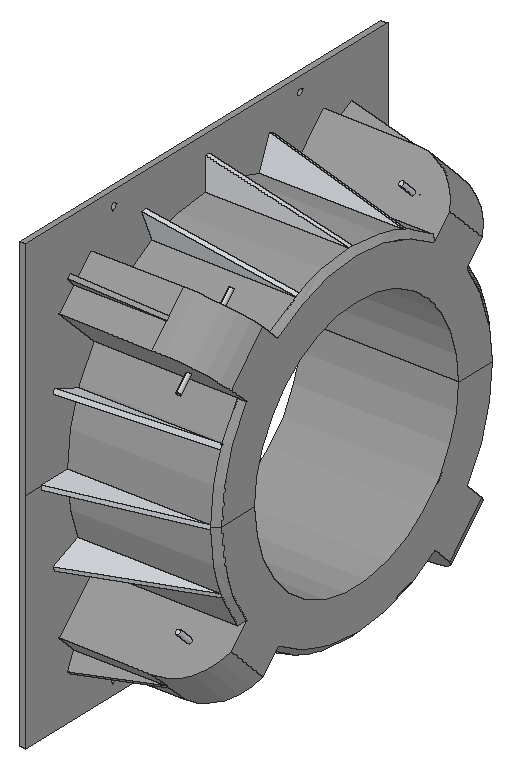
Revit family "UL100FWS-Version1", category Pipe Accessories, Revit 2019
Family settings
  Round Connector Dimension = Use Diameter
  Part Type = Breaks Into
  Work Plane-Based = No
  Always vertical = No
  Cut with Voids When Loaded = No
  Shared = No
Parameters
  URL = "https://www.snapcollars.com.au/"
  Model = "UL100FWS"
  Manufacturer = "Snap Collars"
  Keynote = ""
  Description = "SNAP 100 Ultra Low-Top Floor Waste Shower"
Reference planes
  plane 1 "Center (Front/Back)": y = 0
  plane 2: z = 0
  plane 3 "Center (Left/Right)": x = -123.192
  plane 4: x = -230
  plane 5: x = -192.671
  plane 6: y = 90.593
  plane 7: y = -50
  plane 8: y = 100.593
  plane 9: y = -60
  plane 10: x = -212.35
  plane 11: x = -79.975
  plane 12: y = 0
  plane 13: z = 0
  plane 14: through (0, 0, 0) normal (0, 0.7071, -0.7071)
Forms (mm)
  Revolve 1, solid, material "PVC-Grey", detail levels medium+fine
    sketch origin (0, 0, 0) x (1, 0, 0) y (0, 1, 0)
      loop
        line (-163.192, 55) -> (-163.192, 72.535) -> (-165.656, 75) -> (-227.545, 75) -> (-227.545, 178.063) -> (-230.192, 178.063) -> (-230.192, 55) -> (-163.192, 55)
      axis (-230.192, 0) -> (-163.192, 0)
    angle from 0 to 360
  Extrusion 2, solid, material "PVC-White", not visible, detail levels fine
    sketch origin (0, 0, 0) x (1, 0, 0) y (0, 0, 1)
      loop
        line (-80, 60.418) -> (-227.967, 86.048) -> (-227.967, 69.12) -> (-80, 60.418)
    from -1.5 to 1.5
  Extrusion 3, solid, material "PVC-White", not visible, detail levels fine
    sketch origin (0, 0, 0) x (1, 0, 0) y (0, -0.5, 0.866025)
      loop
        line (-80, 60.418) -> (-227.967, 86.048) -> (-227.967, 69.12) -> (-80, 60.418)
    from -1.5 to 1.5
  Extrusion 4, solid, material "PVC-White", not visible, detail levels fine
    sketch origin (0, 0, 0) x (1, 0, 0) y (0, -0.866025, 0.5)
      loop
        line (-80, 60.418) -> (-227.967, 86.048) -> (-227.967, 69.12) -> (-80, 60.418)
    from -1.5 to 1.5
  Extrusion 5, solid, material "PVC-White", not visible, detail levels fine
    sketch origin (0, 0, 0) x (0, -1, 0) y (-1, 0, 0)
      loop
        line (60.418, 80) -> (86.048, 227.967) -> (69.12, 227.967) -> (60.418, 80)
    from -1.5 to 1.5
  Extrusion 6, solid, material "PVC-White", not visible, detail levels fine
    sketch origin (0, 0, 0) x (1, 0, 0) y (0, -0.866025, -0.5)
      loop
        line (-80, 60.418) -> (-227.967, 86.048) -> (-227.967, 69.12) -> (-80, 60.418)
    from -1.5 to 1.5
  Extrusion 7, solid, material "PVC-White", not visible, detail levels fine
    sketch origin (0, 0, 0) x (1, 0, 0) y (0, -0.5, -0.866025)
      loop
        line (-80, 60.418) -> (-227.967, 86.048) -> (-227.967, 69.12) -> (-80, 60.418)
    from -1.5 to 1.5
  Extrusion 8, solid, material "PVC-White", not visible, detail levels fine
    sketch origin (0, 0, 0) x (1, 0, 0) y (0, 0, -1)
      loop
        line (-80, 60.418) -> (-227.967, 86.048) -> (-227.967, 69.12) -> (-80, 60.418)
    from -1.5 to 1.5
  Extrusion 9, solid, material "PVC-White", not visible, detail levels fine
    sketch origin (0, 0, 0) x (1, 0, 0) y (0, 0.5, -0.866025)
      loop
        line (-80, 60.418) -> (-227.967, 86.048) -> (-227.967, 69.12) -> (-80, 60.418)
    from -1.5 to 1.5
  Extrusion 10, solid, material "PVC-White", not visible, detail levels fine
    sketch origin (0, 0, 0) x (1, 0, 0) y (0, 0.866025, -0.5)
      loop
        line (-80, 60.418) -> (-227.967, 86.048) -> (-227.967, 69.12) -> (-80, 60.418)
    from -1.5 to 1.5
  Extrusion 11, solid, material "PVC-White", not visible, detail levels fine
    sketch origin (0, 0, 0) x (1, 0, 0) y (0, 1, 0)
      loop
        line (-80, 60.418) -> (-227.967, 86.048) -> (-227.967, 69.12) -> (-80, 60.418)
    from -1.5 to 1.5
  Extrusion 12, solid, material "PVC-White", not visible, detail levels fine
    sketch origin (0, 0, 0) x (1, 0, 0) y (0, 0.866025, 0.5)
      loop
        line (-80, 60.418) -> (-227.967, 86.048) -> (-227.967, 69.12) -> (-80, 60.418)
    from -1.5 to 1.5
  Extrusion 13, solid, material "PVC-White", not visible, detail levels fine
    sketch origin (0, 0, 0) x (1, 0, 0) y (0, 0.5, 0.866025)
      loop
        line (-80, 60.418) -> (-227.967, 86.048) -> (-227.967, 69.12) -> (-80, 60.418)
    from -1.5 to 1.5
  Extrusion 14, solid, material "PVC-Purple", not visible
    sketch origin (0, -26.931, 15.549) x (1, 0, 0) y (0, -0.866025, 0.5)
      loop
        line (-180.974, 34.377) -> (-180.974, 23.962) -> (-151, 23.962) -> (-180.974, 34.377)
    from -1 to 1
  Extrusion 15, solid, material "PVC-Purple", not visible
    sketch origin (-227.545, 0, 0) x (0, 0, -1) y (0, 1, 0)
      loop
        line (-73.063, 0) -> (-73.063, -10) -> (-66.024, -10) -> (-66.024, 0) -> (-66.024, 10) -> (-73.063, 10) -> (-73.063, 0)
    from 0 to 15
  Extrusion 16, void, not visible
    sketch origin (-227.545, 0, 73.063) x (0, -1, 0) y (1, 0, 0)
      loop
        line (-10, 15) -> (-10, 0) -> (-8, 15) -> (-10, 15)
      loop
        line (10, 15) -> (8, 15) -> (10, 0) -> (10, 15)
      loop
        line (6.249, 13) -> (-6.249, 13) -> (-7.982, 0) -> (7.982, 0) -> (6.249, 13)
    from -7.039 to 20
  Extrusion 17, solid, material "PVC-Purple", not visible
    sketch origin (-227.545, 0, 25) x (0, 0, -1) y (0, 1, 0)
      loop
        line (-73.063, 0) -> (-73.063, -10) -> (-66.024, -10) -> (-66.024, 0) -> (-66.024, 10) -> (-73.063, 10) -> (-73.063, 0)
    from 0 to 15
  Extrusion 18, void, not visible
    sketch origin (-227.545, 0, 98.063) x (0, -1, 0) y (1, 0, 0)
      loop
        line (-10, 15) -> (-10, 0) -> (-8, 15) -> (-10, 15)
      loop
        line (10, 15) -> (8, 15) -> (10, 0) -> (10, 15)
      loop
        line (6.249, 13) -> (-6.249, 13) -> (-7.982, 0) -> (7.982, 0) -> (6.249, 13)
    from -7.039 to 20
  Extrusion 19, solid, not visible
    sketch origin (-221.787, 0, 0) x (0, 0, -1) y (0, 1, 0)
      loop
        line (-58.041, -8.791) -> (-53.969, -21.86) -> (-53.014, -21.562) -> (-57.086, -8.493) -> (-58.041, -8.791)
    from 0 to 25
  Extrusion 20, solid, material "PVC-Grey", not visible
    sketch origin (-227.545, 0, 25) x (0, 0, -1) y (0, 1, 0)
      loop
        line (-73.063, 0) -> (-73.063, -10) -> (-66.024, -10) -> (-66.024, 0) -> (-66.024, 10) -> (-73.063, 10) -> (-73.063, 0)
    from 0 to 15
  Extrusion 21, void, not visible
    sketch origin (-227.545, 0, 98.063) x (0, -1, 0) y (1, 0, 0)
      loop
        line (-10, 15) -> (-10, 0) -> (-8, 15) -> (-10, 15)
      loop
        line (10, 15) -> (8, 15) -> (10, 0) -> (10, 15)
      loop
        line (6.249, 13) -> (-6.249, 13) -> (-7.982, 0) -> (7.982, 0) -> (6.249, 13)
    from -7.039 to 20
  Extrusion 22, solid, material "PVC-Grey", not visible
    sketch origin (0, -16.749, 29.009) x (1, 0, 0) y (0, -0.5, 0.866025)
      loop
        line (-170.044, 26.962) -> (-170.044, 23.962) -> (-150, 23.962) -> (-170.044, 26.962)
    from -1 to 1
  Extrusion 23, void, not visible
    sketch origin (-227.545, 0, 0) x (0, 0, -1) y (0, 1, 0)
      loop
        line (-84.954, 50.94) -> (-86.992, 47.541) -> (-79.644, 43.135) -> (-77.606, 46.534) -> (-84.954, 50.94)
    from -15.249 to 5.758
  Extrusion 24, void
    sketch origin (-227.545, 0, 0) x (0, 0, -1) y (0, 1, 0)
      loop
        line (-182, -182) -> (182, -182) -> (182, 182) -> (-182, 182) -> (-182, -182)
      loop
        line (-97, -97) -> (97, -97) -> (97, 97) -> (-97, 97) -> (-97, -97)
    from 0 to -2.952
  Extrusion 25, solid, not visible
    sketch origin (0, 0, 0) x (1, 0, 0) y (0, 0, 1)
      loop
        line (-164.372, 64.823) -> (-227.545, 84.823) -> (-227.545, 64.823) -> (-164.372, 64.823)
    from -1 to 1
  Extrusion 26, solid, not visible
    sketch origin (0, 0, 0) x (1, 0, 0) y (0, 0, 1)
      loop
        line (-164.372, 64.823) -> (-227.545, 84.823) -> (-227.545, 64.823) -> (-164.372, 64.823)
    from -1 to 1
  Extrusion 27, solid
    sketch origin (0, 0, 0) x (-1, 0, 0) y (0, 1, 0)
      loop
        line (165.656, 75) -> (227.545, 75) -> (227.545, 89.288) -> (165.656, 75)
    from 1 to -1
  Extrusion 28, solid
    sketch origin (0, 0, 0) x (0, -0.92388, -0.382683) y (-1, 0, 0)
      loop
        line (-75, 165.656) -> (-75, 227.545) -> (-89.288, 227.545) -> (-75, 165.656)
    from 1 to -1
  Extrusion 29, solid
    sketch origin (0, 0, 0) x (0, -0.382683, -0.92388) y (-1, 0, 0)
      loop
        line (-75, 165.656) -> (-75, 227.545) -> (-89.288, 227.545) -> (-75, 165.656)
    from 1 to -1
  Extrusion 30, solid
    sketch origin (0, 0, 0) x (0, 0, -1) y (-1, 0, 0)
      loop
        line (-75, 165.656) -> (-75, 227.545) -> (-89.288, 227.545) -> (-75, 165.656)
    from 1 to -1
  Extrusion 31, solid
    sketch origin (0, 0, 0) x (0, 0.382683, -0.92388) y (-1, 0, 0)
      loop
        line (-75, 165.656) -> (-75, 227.545) -> (-89.288, 227.545) -> (-75, 165.656)
    from 1 to -1
  Extrusion 32, solid
    sketch origin (0, 0, 0) x (0, 0.92388, -0.382683) y (-1, 0, 0)
      loop
        line (-75, 165.656) -> (-75, 227.545) -> (-89.288, 227.545) -> (-75, 165.656)
    from 1 to -1
  Extrusion 33, solid
    sketch origin (0, 0, 0) x (0, 1, 0) y (-1, 0, 0)
      loop
        line (-75, 165.656) -> (-75, 227.545) -> (-89.288, 227.545) -> (-75, 165.656)
    from 1 to -1
  Extrusion 34, solid
    sketch origin (0, 0, 0) x (0, 0.92388, 0.382683) y (-1, 0, 0)
      loop
        line (-75, 165.656) -> (-75, 227.545) -> (-89.288, 227.545) -> (-75, 165.656)
    from 1 to -1
  Extrusion 35, solid
    sketch origin (0, 0, 0) x (0, 0.382683, 0.92388) y (-1, 0, 0)
      loop
        line (-75, 165.656) -> (-75, 227.545) -> (-89.288, 227.545) -> (-75, 165.656)
    from 1 to -1
  Extrusion 36, solid
    sketch origin (0, 0, 0) x (0, 0, 1) y (-1, 0, 0)
      loop
        line (-75, 165.656) -> (-75, 227.545) -> (-89.288, 227.545) -> (-75, 165.656)
    from 1 to -1
  Extrusion 37, solid
    sketch origin (0, 0, 0) x (0, -0.382683, 0.92388) y (-1, 0, 0)
      loop
        line (-75, 165.656) -> (-75, 227.545) -> (-89.288, 227.545) -> (-75, 165.656)
    from 1 to -1
  Extrusion 38, solid
    sketch origin (0, 0, 0) x (0, -0.92388, 0.382683) y (-1, 0, 0)
      loop
        line (-75, 165.656) -> (-75, 227.545) -> (-89.288, 227.545) -> (-75, 165.656)
    from 1 to -1
  Extrusion 39, solid, material "PVC-Grey", detail levels medium+fine
    sketch origin (0, 0, 0) x (0, -0.707107, -0.707107) y (-1, 0, 0)
      loop
        line (-100.191, 227.545) -> (-100.191, 187.641)
        arc (-100.191, 187.641) -> (-95.486, 172.719) -> (-83.074, 163.195) r 26.015
        line (-83.074, 163.195) -> (-63.223, 163.195) -> (-63.223, 227.545) -> (-100.191, 227.545)
    from -12 to 12
  Extrusion 40, solid, material "PVC-Grey", detail levels medium+fine
    sketch origin (0, 0, 0) x (0, 0.707107, -0.707107) y (-1, 0, 0)
      loop
        line (-100.191, 227.545) -> (-100.191, 187.641)
        arc (-100.191, 187.641) -> (-95.486, 172.719) -> (-83.074, 163.195) r 26.015
        line (-83.074, 163.195) -> (-63.223, 163.195) -> (-63.223, 227.545) -> (-100.191, 227.545)
    from -12 to 12
  Extrusion 41, solid, material "PVC-Grey", detail levels medium+fine
    sketch origin (0, 0, 0) x (0, 0.707107, 0.707107) y (-1, 0, 0)
      loop
        line (-100.191, 227.545) -> (-100.191, 187.641)
        arc (-100.191, 187.641) -> (-95.486, 172.719) -> (-83.074, 163.195) r 26.015
        line (-83.074, 163.195) -> (-63.223, 163.195) -> (-63.223, 227.545) -> (-100.191, 227.545)
    from -12 to 12
  Extrusion 42, solid, material "PVC-Grey", detail levels medium+fine
    sketch origin (0, 0, 0) x (0, -0.707107, 0.707107) y (-1, 0, 0)
      loop
        line (-100.191, 227.545) -> (-100.191, 187.641)
        arc (-100.191, 187.641) -> (-95.486, 172.719) -> (-83.074, 163.195) r 26.015
        line (-83.074, 163.195) -> (-63.223, 163.195) -> (-63.223, 227.545) -> (-100.191, 227.545)
    from -12 to 12
  Extrusion 43, solid
    sketch origin (0, 0, 0) x (0, 0.707107, -0.707107) y (-1, 0, 0)
      loop
        circle (-84.762, 180.427) r 0.989
    from -20 to 20
  Extrusion 44, solid
    sketch origin (0, 0, 0) x (0, -0.707107, -0.707107) y (-1, 0, 0)
      loop
        circle (-84.762, 180.427) r 0.989
    from -20 to 20
  Extrusion 45, solid
    sketch origin (0, 0, 0) x (0, -0.707107, 0.707107) y (-1, 0, 0)
      loop
        circle (-84.762, 180.427) r 0.989
    from -20 to 20
  Extrusion 46, solid
    sketch origin (0, 0, 0) x (0, 0.707107, 0.707107) y (-1, 0, 0)
      loop
        circle (-84.762, 180.427) r 0.989
    from -20 to 20
  Extrusion 47, solid, material "PVC-Grey", detail levels medium+fine
    sketch origin (0, 0, 0) x (0, 0.707107, -0.707107) y (-1, 0, 0)
      loop
        line (-100.191, 187.641) -> (-100.191, 227.545) -> (-107.778, 225.512) -> (-100.191, 187.641)
    from -1 to 1
  Extrusion 48, solid, material "PVC-Grey", detail levels medium+fine
    sketch origin (0, 0, 0) x (0, -0.707107, -0.707107) y (-1, 0, 0)
      loop
        line (-100.191, 187.641) -> (-100.191, 227.545) -> (-107.778, 225.512) -> (-100.191, 187.641)
    from -1 to 1
  Extrusion 49, solid, material "PVC-Grey", detail levels medium+fine
    sketch origin (0, 0, 0) x (0, -0.707107, 0.707107) y (-1, 0, 0)
      loop
        line (-100.191, 187.641) -> (-100.191, 227.545) -> (-107.778, 225.512) -> (-100.191, 187.641)
    from -1 to 1
  Extrusion 50, solid, material "PVC-Grey", detail levels medium+fine
    sketch origin (0, 0, 0) x (0, 0.707107, 0.707107) y (-1, 0, 0)
      loop
        line (-100.191, 187.641) -> (-100.191, 227.545) -> (-107.778, 225.512) -> (-100.191, 187.641)
    from -1 to 1
  Extrusion 51, void
    sketch origin (-227.545, 0, 0) x (0, 0, -1) y (0, 1, 0)
      loop
        circle (-91, -50) r 1.5
      loop
        circle (-91, 50) r 1.5
      loop
        circle (91, -50) r 1.5
      loop
        circle (91, 50) r 1.5
    from -24.146 to 45.993
Cuts and joins
  Extrusion 24, Extrusion 51 cuts Revolve 1
  joined: Revolve 1, Extrusion 39, Extrusion 40, Extrusion 41, Extrusion 42, Extrusion 47, Extrusion 48, Extrusion 49, Extrusion 50
Lines and regions (mm)
  model lines
    curve 1: line (-227.545, 0, 97) -> (-227.545, 0, -97)
    curve 2: line (-227.545, -97, 0) -> (-227.545, 97, 0)
Dimensions and locks
  Extrusion 2 sketch curve to Extrusion 2 sketch curve = 0 mm
  Extrusion 3 sketch curve to Extrusion 3 sketch curve = 0 mm
  Extrusion 4 sketch curve to Extrusion 4 sketch curve = 0 mm
  Extrusion 5 sketch curve to Extrusion 5 sketch curve = 0 mm
  Extrusion 6 sketch curve to Extrusion 6 sketch curve = 0 mm
  Extrusion 7 sketch curve to Extrusion 7 sketch curve = 0 mm
  Extrusion 8 sketch curve to Extrusion 8 sketch curve = 0 mm
  Extrusion 9 sketch curve to Extrusion 9 sketch curve = 0 mm
  Extrusion 10 sketch curve to Extrusion 10 sketch curve = 0 mm
  Extrusion 11 sketch curve to Extrusion 11 sketch curve = 0 mm
  Extrusion 12 sketch curve to Extrusion 12 sketch curve = 0 mm
  Extrusion 13 sketch curve to Extrusion 13 sketch curve = 0 mm
  aligned and locked: level to plane 2
  aligned and locked: plane 1 "Center (Front/Back)" to Revolve 1 sketch curve
Connectors
  piping at (-212.35, 1.25, 0), diameter 110
    settings: on plane 10, index 4, connector inside diameter 609.6 mm, connector length 0 mm, flow factor 0, pipe flow 0.0 L/s, pressure drop 0.0 Pa, fitting loss kfactor 0, connector angle 0.00°, fixture units 0, engagement length 0 mm, angle of deflection 0.00°, flow configuration 0, flow direction 0, fitting loss method 0, system type 7, joint type 0, gender type 0, connector reference index -1, connector utility 0, adjustable connector no, is connector primary yes, connector description ""
